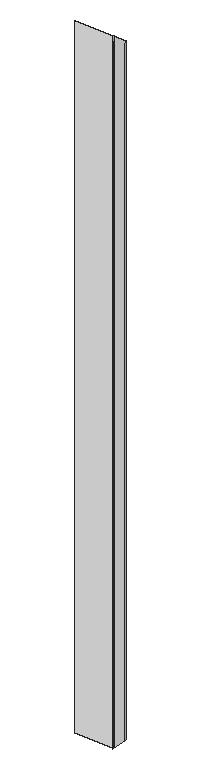
Revit family "KingswayGroup_MgntcLcks_Anti-LigatureMagLockHousing", category Specialty Equipment, Revit 2020
Family settings
  Round Connector Dimension = Use Diameter
  Part Type = Normal
  Work Plane-Based = No
  Always vertical = Yes
  Cut with Voids When Loaded = No
  Shared = No
  Room Calculation Point = No
Parameters
  WarrantyStartDate [instance] = "1900-12-31T23:59:59"
  WarrantyGuarantorParts = "sales@kingswaygroup.co.uk"
  WarrantyGuarantorLabor = "n/a"
  WarrantyDurationUnit = "year"
  WarrantyDurationParts = "5"
  WarrantyDurationLabor = "n/a"
  WarrantyDescription = "5-Year Guarantee *For faulty manufacture and not for damage"
  Version = "1"
  Uniclass2015Version = "Products v1.36"
  Uniclass2015Title = "Magnetic locks"
  Uniclass2015Code = "Pr_75_30_27_50"
  URL = "https://kingswaygroupglobal.com/"
  TagNumber [instance] = "n/a"
  SustainabilityPerformance = "n/a"
  Size = "125 x 2040 x 68 mm"
  Shape = "n/a"
  SerialNumber [instance] = "n/a"
  Revision = "n/a"
  ReplacementCost = "n/a"
  ProductInformation = "https://kingswaygroupglobal.com/product/anti-ligature-mag-lock-housing?noredirect=true"
  NominalWidth = 68 mm  # constant formula
  NominalLength = 125 mm  # constant formula
  NominalHeight = 2040 mm  # constant formula
  Name = "MagneticLocks_Anti-LigatureMagLockHousing_KG222_KingswayGroup"
  ModelReference = "Anti-Ligature Mag Lock Housing"
  ModelNumber = "KG222"
  HousingMaterial = NBS_Concept
  Model = ModelNumber  # "KG222"
  Material = "For full range of available material, contact Kingsway Group"
  ManufacturerURL = "https://kingswaygroupglobal.com/"
  ManufacturerName = "Kingsway Group"  # constant formula
  Manufacturer = ManufacturerName  # "Kingsway Group"
  Length = 2040 mm
  InstallationDate [instance] = "1900-12-31T23:59:59"
  IfcExportType = "USERDEFINED"  # constant formula
  IfcExportAs = "IfcDiscreteAccessoryType"  # constant formula
  Grade = "n/a"
  Finish = "For full range of available finishes and colours, contact Kingsway Group"
  Features = "A robust mag lock solution providing an overall holding force of 1200kg for use where security is a key consideration"
  ExpectedLife = "n/a"
  DurationUnit = "year"
  Description = "Architectural Mag Lock Housing"
  Default Elevation = 0 mm
  Constituents = "n/a"
  Color = "For full range of available finishes and colours, contact Kingsway Group"
  CodePerformance = "n/a"
  Category = "Pr_75_30_27_50:Magnetic locks"
  BarCode [instance] = "n/a"
  BIMObjectName = "KingswayGroup_MagneticLocks_Anti-LigatureMagLockHousing"
  Author = "Kingsway Group"  # constant formula
  AssetType = "Fixed"
  AssetIdentifier [instance] = "n/a"
  AccessibilityPerformance = "n/a"
Reference planes
  plane 1 "Center (Front/Back)": y = 0
  plane 2: z = 0
  plane 3 "Center (Left/Right)": x = 0
  plane 4: z = 2040
Forms (mm)
  Extrusion 1, solid, material "NBS_Concept" <- "HousingMaterial"
    sketch origin (0, 0, 0) x (1, 0, 0) y (0, 1, 0)
      loop
        arc (-62.75, -32.474) -> (-62.311, -33.535) -> (-61.25, -33.973) r 1.498
        line (-61.25, -33.973) -> (61.25, -33.973)
        arc (61.25, -33.973) -> (62.238, -33.126) -> (61.552, -32.021) r 1
        arc (61.552, -32.021) -> (61.047, -31.658) -> (60.853, -31.067) r 1
        line (60.853, -31.067) -> (60.853, 15.627)
        arc (60.853, 15.627) -> (58.674, 22.523) -> (52.928, 26.914) r 12
        arc (52.928, 26.914) -> (50.345, 28.843) -> (47.122, 28.816) r 5.051
        line (47.122, 28.816) -> (45.2, 29.362)
        arc (45.2, 29.362) -> (42.52, 31.044) -> (39.367, 30.781) r 5.001
        arc (39.367, 30.781) -> (28.483, 32.49) -> (17.478, 33.026) r 102.959
        arc (17.478, 33.026) -> (14.444, 34.097) -> (11.491, 32.821) r 4.409
        arc (11.491, 32.821) -> (-0.443, 31.363) -> (-12.126, 28.523) r 102.98
        arc (-12.126, 28.523) -> (-15.265, 28.652) -> (-17.691, 26.655) r 4.403
        line (-17.691, 26.655) -> (-20.404, 25.396) -> (-62.75, -20.169) -> (-62.75, -32.474)
    from 0 to 2040
  Extrusion 2, void
    sketch origin (0, 0, 0) x (0, 1, 0) y (0, 0, 1)
      loop
        line (-33.973, 2040) -> (34.099, 1990.542) -> (34.099, 2040) -> (-33.973, 2040)
    from -206.207 to 250
Cuts and joins
  Extrusion 2 cuts Extrusion 1
Dimensions and locks
  "Length": plane 4 to plane 2
  locked: Extrusion 2 sketch curve to Extrusion 2 sketch curve at 49.458
  aligned and locked: level to plane 2
  aligned and locked: plane 4 to Extrusion 1
  aligned and locked: Extrusion 1 to level
  aligned and locked: plane 4 to Extrusion 2
Automatic sketch dimensions
  Extrusion 2 sketch curve to plane 4 = 0 mm
  Extrusion 2 sketch curve to plane 1 "Center (Front/Back)" = 34.099 mm
  plane 1 "Center (Front/Back)" to Extrusion 2 sketch curve = 33.973 mm
  plane 1 "Center (Front/Back)" to Extrusion 1 sketch curve = 20.169 mm
  Extrusion 1 sketch curve to plane 3 "Center (Left/Right)" = 62.75 mm
  Extrusion 1 sketch curve to Extrusion 1 sketch curve = 1.498 mm
  Extrusion 1 sketch curve to Extrusion 1 sketch curve = 0.001 mm  (x2)
  Extrusion 1 sketch curve to plane 3 "Center (Left/Right)" = 20.404 mm
  Extrusion 1 sketch curve to Extrusion 1 sketch curve = 2.713 mm
  Extrusion 1 sketch curve to Extrusion 1 sketch curve = 3.827 mm
  plane 3 "Center (Left/Right)" to Extrusion 1 sketch curve = 14.595 mm
  Extrusion 1 sketch curve to Extrusion 1 sketch curve = 0.02 mm
  Extrusion 1 sketch curve to Extrusion 1 sketch curve = 1.971 mm
  Extrusion 1 sketch curve to plane 1 "Center (Front/Back)" = 29.362 mm
  Extrusion 1 sketch curve to Extrusion 1 sketch curve = 3.862 mm
  Extrusion 1 sketch curve to Extrusion 1 sketch curve = 1.921 mm
  Extrusion 1 sketch curve to Extrusion 1 sketch curve = 1.652 mm
  Extrusion 1 sketch curve to Extrusion 1 sketch curve = 0.08 mm
  Extrusion 1 sketch curve to Extrusion 1 sketch curve = 12 mm
  Extrusion 1 sketch curve to Extrusion 1 sketch curve = 0.397 mm
  Extrusion 1 sketch curve to Extrusion 1 sketch curve = 1 mm  (x2)
  plane 1 "Center (Front/Back)" to Extrusion 1 sketch curve = 31.067 mm
  Extrusion 1 sketch curve to Extrusion 1 sketch curve = 12.305 mm
  Extrusion 1 sketch curve to Extrusion 1 sketch curve = 0.021 mm
  Extrusion 1 sketch curve to plane 1 "Center (Front/Back)" = 15.627 mm
  Extrusion 1 sketch curve to Extrusion 1 sketch curve = 5.32 mm
  Extrusion 1 sketch curve to plane 1 "Center (Front/Back)" = 24.478 mm
  Extrusion 1 sketch curve to Extrusion 1 sketch curve = 0.918 mm
  Extrusion 1 sketch curve to Extrusion 1 sketch curve = 3.178 mm
  Extrusion 1 sketch curve to Extrusion 1 sketch curve = 1.259 mm
  Extrusion 1 sketch curve to Extrusion 1 sketch curve = 0.547 mm
  Extrusion 1 sketch curve to Extrusion 1 sketch curve = 1.738 mm
  plane 3 "Center (Left/Right)" to Extrusion 1 sketch curve = 17.976 mm
  Extrusion 1 sketch curve to Extrusion 1 sketch curve = 26.744 mm
  Extrusion 1 sketch curve to Extrusion 1 sketch curve = 35.959 mm
  Extrusion 1 sketch curve to Extrusion 1 sketch curve = 1.091 mm
  Extrusion 1 sketch curve to Extrusion 1 sketch curve = 3.104 mm
